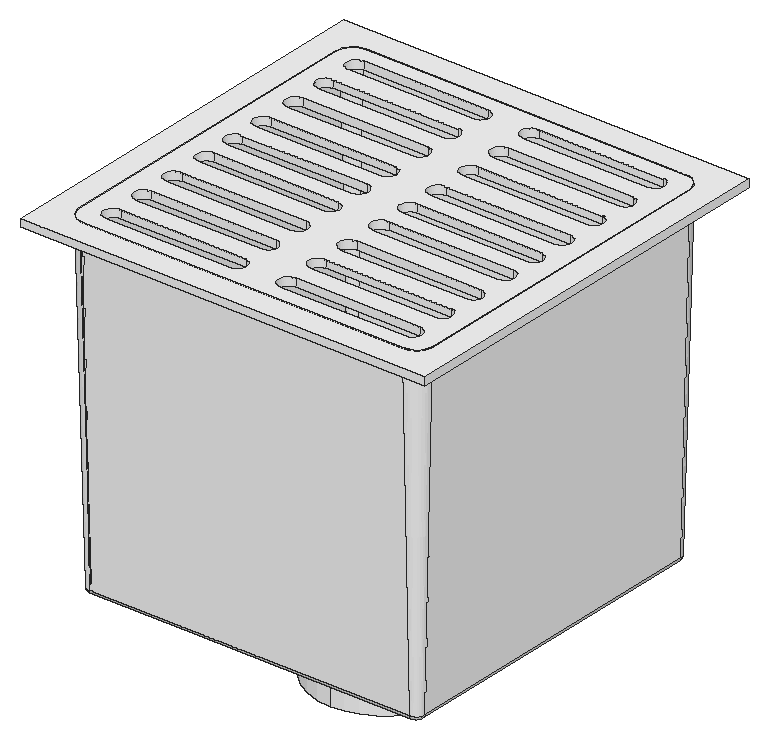
Revit family "FS740", category Plumbing Fixtures, host Face, Revit 2018
Family settings
  Host = Face
  Round Connector Dimension = Use Radius
  Part Type = Normal
  Cut with Voids When Loaded = No
  Shared = No
  Room Calculation Point = No
Parameters (values of type "PIPE SIZE_4" INSIDE CAULK (X) 12 5/8"")
  WFU = 0
  URL = "WWW.MIFAB.COM"
  Pipe Radius = Pipe Diameter / 2  # 0' - 2"
  Pipe Diameter = 0' - 4"
  Model = "FS740"
  Manufacturer = "MIFAB"
  Floor Drain Material = Paint - Sherwin Williams Paint - #952C2A - Bellwood Red
  Description = "12” x 12” 10” FLOOR AREA AND INDIRECT SANITARY WASTE DRAIN"
  Default Elevation = 0' - 0"
  CWFU = 0
  Body Height = 1' - 0 5/8"
  Assembly Code = ""
Types (10): name | Pipe Radius | Pipe Diameter | Body Height
  (no name) | 0' - 2" | 0' - 4" | 1' - 0 5/8"
  PIPE SIZE_2" NO HUB (STANDARD) 12 1/2” | 0' - 1" | 0' - 2" | 1' - 0 1/2"
  PIPE SIZE_3" NO HUB (STANDARD) 12 1/2” | 0' - 1 1/2" | 0' - 3" | 1' - 0 1/2"
  PIPE SIZE_4" NO HUB (STANDARD) 12 1/2” | 0' - 2" | 0' - 4" | 1' - 0 1/2"
  PIPE SIZE_2" PUSH ON (P) 12 7/8” | 0' - 1" | 0' - 2" | 1' - 0 7/8"
  PIPE SIZE_3" PUSH ON (P) 12 7/8” | 0' - 1 1/2" | 0' - 3" | 1' - 0 7/8"
  PIPE SIZE_4" PUSH ON (P) 12 7/8” | 0' - 2" | 0' - 4" | 1' - 0 7/8"
  PIPE SIZE_2" INSIDE CAULK (X) 14" | 0' - 1" | 0' - 2" | 1' - 2"
  PIPE SIZE_3" INSIDE CAULK (X) 14" | 0' - 1 1/2" | 0' - 3" | 1' - 2"
  PIPE SIZE_4" INSIDE CAULK (X) 12 5/8" | 0' - 2" | 0' - 4" | 1' - 0 5/8"
Reference planes (in)
  plane 1 "Center (Front/Back)": y = 0
  plane 2: z = 0
  plane 3 "Center (Left/Right)": x = 0
  plane 4: z = -3
  plane 5: z = -2.375
  plane 6: y = -2
  plane 7: y = 2
  plane 8: z = -10
  plane 9: z = -12.625
  plane 10: x = -6
  plane 11: x = 6
  plane 12: y = 6
  plane 13: y = -6
  plane 14: x = -5.25
  plane 15: x = 5.25
  plane 16: y = 5.25
  plane 17: y = -5.25
  plane 18: z = -0.23071
Forms (in)
  Revolve 1, solid, material "Paint - Sherwin Williams Paint - #952C2A - Bellwood Red" <- "Floor Drain Material"
    sketch origin (0, 0.04396, -2.375) x (0, 1, 0) y (0, 0, 1)
      loop
        line (-2.04396, -7.625) -> (-2.04396, -10.25) -> (-1.84474, -10.25) -> (-1.84474, -7.625) -> (-2.04396, -7.625)
      axis (-0.04396, -10.25) -> (-0.04396, -7.625)
    angle from 0 to 360
  Sweep 2, solid, material "Paint - Sherwin Williams Paint - #952C2A - Bellwood Red" <- "Floor Drain Material"
    path origin (0, 0, 0) x (1, 0, 0) y (0, 1, 0)
      loop
        arc (5.25, 4.75) -> (5.10355, 5.10355) -> (4.75, 5.25) r 0.5
        line (4.75, 5.25) -> (-4.75, 5.25)
        arc (-4.75, 5.25) -> (-5.10355, 5.10355) -> (-5.25, 4.75) r 0.5
        line (-5.25, 4.75) -> (-5.25, -4.75)
        arc (-5.25, -4.75) -> (-5.10355, -5.10355) -> (-4.75, -5.25) r 0.5
        line (-4.75, -5.25) -> (4.75, -5.25)
        arc (4.75, -5.25) -> (5.10355, -5.10355) -> (5.25, -4.75) r 0.5
        line (5.25, -4.75) -> (5.25, 4.75)
    profile origin (5.25, 0, 0) x (1, 0, 0) y (0, 0, 1)
      loop
        line (0.00022, -0.23071) -> (-0.118, -0.23071) -> (-0.37532, -9.81911)
        arc (-0.37532, -9.81911) -> (-0.39482, -9.86362) -> (-0.43983, -9.88191) r 0.06454
        line (-0.43983, -9.88191) -> (-0.47291, -9.88191) -> (-0.47291, -10) -> (-0.37352, -10)
        arc (-0.37352, -10) -> (-0.29358, -9.96751) -> (-0.25896, -9.88847) r 0.1146
        line (-0.25896, -9.88847) -> (0.00022, -0.23071)
  Extrusion 3, solid, material "Paint - Sherwin Williams Paint - #952C2A - Bellwood Red" <- "Floor Drain Material"
    sketch origin (0, 0, 0) x (1, 0, 0) y (0, 1, 0)
      loop
        line (-6, 6) -> (-6, -6) -> (6, -6) -> (6, 6) -> (-6, 6)
      loop
        arc (-4.75, 5.25) -> (-5.10371, 5.10371) -> (-5.25, 4.75) r 0.50022
        line (-5.25, 4.75) -> (-5.25022, -4.75)
        arc (-5.25022, -4.75) -> (-5.10371, -5.10371) -> (-4.75, -5.25) r 0.50022
        line (-4.75, -5.25) -> (4.75, -5.25022)
        arc (4.75, -5.25022) -> (5.10371, -5.10371) -> (5.25, -4.75) r 0.50022
        line (5.25, -4.75) -> (5.25022, 4.75)
        arc (5.25022, 4.75) -> (5.10371, 5.10371) -> (4.75, 5.25) r 0.50022
        line (4.75, 5.25) -> (-4.75, 5.25)
    from -0.23071 to 0
  Extrusion 4, solid, material "Paint - Sherwin Williams Paint - #952C2A - Bellwood Red" <- "Floor Drain Material"
    sketch origin (0, 0, 0) x (1, 0, 0) y (0, 1, 0)
      loop
        line (-4.77709, -4.77709) -> (4.77709, -4.77709) -> (4.77709, 4.77709) -> (-4.77709, 4.77709) -> (-4.77709, -4.77709)
    from -10 to -9.88191
Lines and regions (in)
  model lines, not visible
    curve 1: line (6.7156, 0, 9.07611) -> (12.5156, 0, 9.07611)
    curve 2: line (12.5156, 0, 9.07611) -> (12.5156, 0, 10.82611)
    curve 3: line (12.5156, 0, 10.82611) -> (6.7156, 0, 10.82611)
    curve 4: line (6.7156, 0, 10.82611) -> (6.7156, 0, 9.07611)
    curve 5: line (7.13163, 0, 10.86539) -> (7.13163, 0, 12.86539)
    curve 6: line (7.13163, 0, 12.86539) -> (15.53163, 0, 12.86539)
    curve 7: line (15.53163, 0, 12.86539) -> (15.53163, 0, 10.86539)
    curve 8: line (11.33163, 0, 12.86539) -> (11.33163, 0, 12.36539)
    curve 9: line (10.38306, 10.17879, 0) -> (10.38306, 12.67879, 0)
    curve 10: line (10.38306, 12.67879, 0) -> (20.88306, 12.67879, 0)
    curve 11: line (20.88306, 12.67879, 0) -> (20.88306, 10.17879, 0)
    curve 12: line (15.63306, 12.67879, 0) -> (15.63306, 10.92879, 0)
Dimensions and locks (in)
  equal spacing: plane 7, plane 1 "Center (Front/Back)", plane 6
  "Pipe Diameter": plane 7 to plane 6
  "Pipe Radius": plane 1 "Center (Front/Back)" to plane 6
  plane 2 to plane 9 = 1' - 0 5/8"
  level to plane 8 = 0' - 10"
  equal spacing: plane 10, plane 3 "Center (Left/Right)", plane 11
  plane 10 to plane 11 = 1' - 0"
  equal spacing: plane 12, plane 1 "Center (Front/Back)", plane 13
  plane 12 to plane 13 = 1' - 0"
  equal spacing: plane 14, plane 3 "Center (Left/Right)", plane 15
  plane 14 to plane 15 = 0' - 10 1/2"
  equal spacing: plane 17, plane 1 "Center (Front/Back)", plane 16
  plane 17 to plane 16 = 0' - 10 1/2"
  locked: plane 2 to plane 18 at 0.23071
  "Body Height": plane 2 to plane 9
  locked: host face to plane 8 at 10
  aligned and locked: plane 2 to host face
  aligned and locked: level to host face
  aligned and locked: Revolve 1 sketch curve to plane 9
  aligned and locked: Revolve 1 sketch curve to plane 8
  aligned and locked: plane 15 to Sweep 2 sketch curve
  aligned and locked: Sweep 2 sketch curve to plane 16
  aligned and locked: Sweep 2 sketch curve to plane 14
  aligned and locked: plane 17 to Sweep 2 sketch curve
  aligned and locked: plane 12 to Extrusion 3 sketch curve
  aligned and locked: plane 10 to Extrusion 3 sketch curve
  aligned and locked: plane 13 to Extrusion 3 sketch curve
  aligned and locked: plane 11 to Extrusion 3 sketch curve
  aligned and locked: Extrusion 3 sketch curve to Sweep 2  (x4)
  aligned and locked: plane 18 to Sweep 2 sketch curve
  aligned and locked: Extrusion 3 to Sweep 2
  aligned and locked: level to Extrusion 3
  aligned and locked: Extrusion 4 to Revolve 1
  aligned and locked: Sweep 2 to Extrusion 4
  aligned and locked: Extrusion 4 sketch curve to Sweep 2  (x4)
  aligned and locked: plane 1 "Center (Front/Back)" to nested 1
  aligned and locked: plane 3 "Center (Left/Right)" to nested 1
  aligned and locked: host face to Extrusion 3
Automatic sketch dimensions
  host sketch curve to host sketch curve = 8' - 0"  (x2)
  curve 5 to curve 7 = 0' - 8.4"
  curve 5 to curve 8 = 0' - 4.2"
  curve 5 to curve 5 = 0' - 2"
  curve 7 to curve 6 = 0' - 2"
  curve 8 to curve 8 = 0' - 0 1/2"
  Revolve 1 sketch curve to plane 6 = 0' - 0"
  Revolve 1 sketch curve to plane 1 "Center (Front/Back)" = 0' - 0"
  Revolve 1 sketch curve to plane 6 = 0' - 0 51/256"
  plane 9 to Revolve 1 sketch curve = 0' - 0 1/8"
  Revolve 1 sketch curve to plane 8 = 0' - 1 1/4"
  plane 14 to Sweep 2 sketch curve = 0' - 0 1/2"  (x2)
  Sweep 2 sketch curve to Sweep 2 sketch curve = 0' - 0 1/2"  (x2)
  Extrusion 3 sketch curve to plane 16 = 0' - 0"
  Extrusion 3 sketch curve to plane 17 = 0' - 0"
  Extrusion 3 sketch curve to plane 14 = 0' - 0"
  Extrusion 3 sketch curve to plane 15 = 0' - 0"
  plane 10 to Extrusion 3 sketch curve = 0' - 1 1/4"  (x2)
  plane 11 to Extrusion 3 sketch curve = 0' - 1 1/4"  (x2)
  plane 13 to Extrusion 3 sketch curve = 0' - 1 1/4"  (x2)
  plane 12 to Extrusion 3 sketch curve = 0' - 1 1/4"  (x2)
  profile plane to Sweep 2 sketch curve = 0' - 0.47291"
  Sweep 2 sketch curve to Sweep 2 sketch curve = 0' - 0.03308"
  Sweep 2 sketch curve to Sweep 2 sketch curve = 0' - 0.06451"
  Sweep 2 sketch curve to Sweep 2 sketch curve = 0' - 0.09939"
  Sweep 2 sketch curve to Sweep 2 sketch curve = 0' - 0.11456"
  profile plane to Sweep 2 sketch curve = 0' - 0.118"
  Sweep 2 sketch curve to profile plane = 0' - 0.00022"
  Sweep 2 sketch curve to Sweep 2 sketch curve = 0' - 9.58666"
  Sweep 2 sketch curve to Sweep 2 sketch curve = 0' - 0.00173"
  Sweep 2 sketch curve to Sweep 2 sketch curve = 0' - 0.06629"
  Sweep 2 sketch curve to Sweep 2 sketch curve = 0' - 0.00307"
Nested families (in)
  nested 1: "Jali-1" at (0, 0, 0), type "Jali-1"
Connectors (in)
  piping at (0, 0, -12.625), diameter 4, driven by "Pipe Radius", driven by "WFU"
    settings: on Revolve 1, index 2, connector inside diameter 2", connector length 0' - 0", flow factor 0, pipe flow 0 GPM, pressure drop 0.00 psi, fitting loss kfactor 0, connector angle 0.00°, fixture units 0, engagement length 0' - 0", angle of deflection 0.00°, flow configuration 3, flow direction 2, fitting loss method 0, system type 16, joint type 0, gender type 0, connector reference index -1, connector utility 0, adjustable connector no, is connector primary yes, connector description "Sanitary Out"
Definition of nested family "Jali-1"
  Parameters (values of type "Jali-1")
    Material = none
    Floor Drain Material = none
  Reference planes (in)
    plane 1 "Center (Front/Back)": y = 0
    plane 2: z = 0
    plane 3 "Center (Left/Right)": x = 0
  Forms (in)
    Extrusion 1, solid, material <- "Floor Drain Material"
      sketch origin (0, 0, 0) x (1, 0, 0) y (0, 1, 0)
        loop
          line (-5.25022, 4.75) -> (-5.25022, -4.75)
          arc (-5.25022, -4.75) -> (-5.10371, -5.10371) -> (-4.75, -5.25022) r 0.50022
          line (-4.75, -5.25022) -> (4.75, -5.25022)
          arc (4.75, -5.25022) -> (5.10371, -5.10371) -> (5.25022, -4.75) r 0.50022
          line (5.25022, -4.75) -> (5.25022, 4.75)
          arc (5.25022, 4.75) -> (5.10371, 5.10371) -> (4.75, 5.25022) r 0.50022
          line (4.75, 5.25022) -> (-4.75, 5.25022)
          arc (-4.75, 5.25022) -> (-5.10371, 5.10371) -> (-5.25022, 4.75) r 0.50022
        loop
          arc (0.74767, 0.28125) -> (0.46642, 0) -> (0.74767, -0.28125) r 0.28125
          line (0.74767, -0.28125) -> (4.43866, -0.28125)
          arc (4.43866, -0.28125) -> (4.71991, 0) -> (4.43866, 0.28125) r 0.28125
          line (4.43866, 0.28125) -> (0.74767, 0.28125)
        loop
          arc (0.74767, 1.34375) -> (0.46642, 1.0625) -> (0.74767, 0.78125) r 0.28125
          line (0.74767, 0.78125) -> (4.43866, 0.78125)
          arc (4.43866, 0.78125) -> (4.71991, 1.0625) -> (4.43866, 1.34375) r 0.28125
          line (4.43866, 1.34375) -> (0.74767, 1.34375)
        loop
          arc (0.74767, 2.53125) -> (0.46642, 2.25) -> (0.74767, 1.96875) r 0.28125
          line (0.74767, 1.96875) -> (4.43866, 1.96875)
          arc (4.43866, 1.96875) -> (4.71991, 2.25) -> (4.43866, 2.53125) r 0.28125
          line (4.43866, 2.53125) -> (0.74767, 2.53125)
        loop
          arc (0.74767, 3.65625) -> (0.46642, 3.375) -> (0.74767, 3.09375) r 0.28125
          line (0.74767, 3.09375) -> (4.43866, 3.09375)
          arc (4.43866, 3.09375) -> (4.71991, 3.375) -> (4.43866, 3.65625) r 0.28125
          line (4.43866, 3.65625) -> (0.74767, 3.65625)
        loop
          arc (0.74767, 4.78125) -> (0.46642, 4.5) -> (0.74767, 4.21875) r 0.28125
          line (0.74767, 4.21875) -> (4.43866, 4.21875)
          arc (4.43866, 4.21875) -> (4.71991, 4.5) -> (4.43866, 4.78125) r 0.28125
          line (4.43866, 4.78125) -> (0.74767, 4.78125)
        loop
          line (0.74767, -1.34375) -> (4.43866, -1.34375)
          arc (4.43866, -1.34375) -> (4.71991, -1.0625) -> (4.43866, -0.78125) r 0.28125
          line (4.43866, -0.78125) -> (0.74767, -0.78125)
          arc (0.74767, -0.78125) -> (0.46642, -1.0625) -> (0.74767, -1.34375) r 0.28125
        loop
          line (0.74767, -2.53125) -> (4.43866, -2.53125)
          arc (4.43866, -2.53125) -> (4.71991, -2.25) -> (4.43866, -1.96875) r 0.28125
          line (4.43866, -1.96875) -> (0.74767, -1.96875)
          arc (0.74767, -1.96875) -> (0.46642, -2.25) -> (0.74767, -2.53125) r 0.28125
        loop
          line (0.74767, -3.65625) -> (4.43866, -3.65625)
          arc (4.43866, -3.65625) -> (4.71991, -3.375) -> (4.43866, -3.09375) r 0.28125
          line (4.43866, -3.09375) -> (0.74767, -3.09375)
          arc (0.74767, -3.09375) -> (0.46642, -3.375) -> (0.74767, -3.65625) r 0.28125
        loop
          line (0.74767, -4.78125) -> (4.43866, -4.78125)
          arc (4.43866, -4.78125) -> (4.71991, -4.5) -> (4.43866, -4.21875) r 0.28125
          line (4.43866, -4.21875) -> (0.74767, -4.21875)
          arc (0.74767, -4.21875) -> (0.46642, -4.5) -> (0.74767, -4.78125) r 0.28125
        loop
          line (-0.74767, 0.28125) -> (-4.43866, 0.28125)
          arc (-4.43866, 0.28125) -> (-4.71991, 0) -> (-4.43866, -0.28125) r 0.28125
          line (-4.43866, -0.28125) -> (-0.74767, -0.28125)
          arc (-0.74767, -0.28125) -> (-0.46642, 0) -> (-0.74767, 0.28125) r 0.28125
        loop
          line (-0.74767, 1.34375) -> (-4.43866, 1.34375)
          arc (-4.43866, 1.34375) -> (-4.71991, 1.0625) -> (-4.43866, 0.78125) r 0.28125
          line (-4.43866, 0.78125) -> (-0.74767, 0.78125)
          arc (-0.74767, 0.78125) -> (-0.46642, 1.0625) -> (-0.74767, 1.34375) r 0.28125
        loop
          line (-0.74767, 2.53125) -> (-4.43866, 2.53125)
          arc (-4.43866, 2.53125) -> (-4.71991, 2.25) -> (-4.43866, 1.96875) r 0.28125
          line (-4.43866, 1.96875) -> (-0.74767, 1.96875)
          arc (-0.74767, 1.96875) -> (-0.46642, 2.25) -> (-0.74767, 2.53125) r 0.28125
        loop
          line (-0.74767, 3.65625) -> (-4.43866, 3.65625)
          arc (-4.43866, 3.65625) -> (-4.71991, 3.375) -> (-4.43866, 3.09375) r 0.28125
          line (-4.43866, 3.09375) -> (-0.74767, 3.09375)
          arc (-0.74767, 3.09375) -> (-0.46642, 3.375) -> (-0.74767, 3.65625) r 0.28125
        loop
          line (-0.74767, 4.78125) -> (-4.43866, 4.78125)
          arc (-4.43866, 4.78125) -> (-4.71991, 4.5) -> (-4.43866, 4.21875) r 0.28125
          line (-4.43866, 4.21875) -> (-0.74767, 4.21875)
          arc (-0.74767, 4.21875) -> (-0.46642, 4.5) -> (-0.74767, 4.78125) r 0.28125
        loop
          arc (-0.74767, -1.34375) -> (-0.46642, -1.0625) -> (-0.74767, -0.78125) r 0.28125
          line (-0.74767, -0.78125) -> (-4.43866, -0.78125)
          arc (-4.43866, -0.78125) -> (-4.71991, -1.0625) -> (-4.43866, -1.34375) r 0.28125
          line (-4.43866, -1.34375) -> (-0.74767, -1.34375)
        loop
          arc (-0.74767, -2.53125) -> (-0.46642, -2.25) -> (-0.74767, -1.96875) r 0.28125
          line (-0.74767, -1.96875) -> (-4.43866, -1.96875)
          arc (-4.43866, -1.96875) -> (-4.71991, -2.25) -> (-4.43866, -2.53125) r 0.28125
          line (-4.43866, -2.53125) -> (-0.74767, -2.53125)
        loop
          arc (-0.74767, -3.65625) -> (-0.46642, -3.375) -> (-0.74767, -3.09375) r 0.28125
          line (-0.74767, -3.09375) -> (-4.43866, -3.09375)
          arc (-4.43866, -3.09375) -> (-4.71991, -3.375) -> (-4.43866, -3.65625) r 0.28125
          line (-4.43866, -3.65625) -> (-0.74767, -3.65625)
        loop
          arc (-0.74767, -4.78125) -> (-0.46642, -4.5) -> (-0.74767, -4.21875) r 0.28125
          line (-0.74767, -4.21875) -> (-4.43866, -4.21875)
          arc (-4.43866, -4.21875) -> (-4.71991, -4.5) -> (-4.43866, -4.78125) r 0.28125
          line (-4.43866, -4.78125) -> (-0.74767, -4.78125)
      from -0.23071 to 0
  Dimensions and locks (in)
    aligned and locked: level to plane 2
